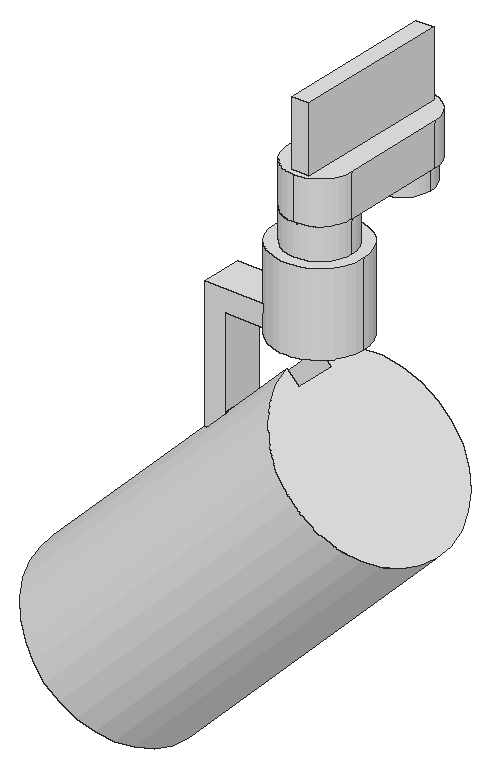
Revit family "ZEUS-4TR-R88", category Осветительные приборы, Revit 2017
Family settings
  Размер круглого соединителя = Использовать диаметр
  Тип детали = Нормальный
  На основе рабочей плоскости = Нет
  Всегда вертикально = Да
  При загрузке вырезать с полостями = Нет
  Источник света = Нет
  Общий = Нет
  Точка расчета площади = Нет
Parameters (values of type "024605 Светильник LGD-ZEUS-4TR-R88-20W Warm (WH, 20-60 deg)_60deg")
  Цветовая температура (К) = "3000"
  Фотометрия = ZEUS-4TR-R88 IES Data : 024605_LGD-ZEUS-4TR-R88-20W Warm (WH, 20-60 deg)_60deg
  Угол поворота [instance] = 45.00°
  Угол [instance] = if(or(Угол поворота > 89.00°, Угол поворота < 0.00°), 1.00°, Угол поворота)  # 45.00°
  Разработчик (телефон) = "+7 (495) 781-05-35"  # constant formula
  Разработчик (e-mail) = "info@constructor.ru"  # constant formula
  Разработчик (URL) = "https://constructor.ru/"  # constant formula
  Разработчик = "НТЦ Конструктор"  # constant formula
  Полная установленная мощность = ADSK_Номинальная мощность / ADSK_Коэффициент мощности  # 21.2766 VA
  Поворот [instance] = not(Вниз)  # yes
  Описание = "Светильник подвесной для треков/шин 4 провода, 20 Вт. Цвет свечения ТЕПЛЫЙ 3000K, световой поток 1600-2000лм, регулируемый угол 20-60°, CRI>90. Корпус круглый, металл, цвет белый, IP20. Размеры DxHxL Ø88x200x162 мм. Входное напряжение AC220-240V, мощность 20 Вт. Драйвер встроенный (30-42V, 500mA)"
  Контакты ООО "Арлайт РУС" для получения счёта = "roman@transistor.ru, T +7 495 926 56 50 (доб.1115), моб. +7 (925) 871-32-07"  # constant formula
  Комментарии к типоразмеру = "Арт. 024605"
  Исходная интенсивность (лм) = "2000"
  Изготовитель (телефон) = "8 800 505 26 29"  # constant formula
  Изготовитель (сайт) = "www.arlight.ru"  # constant formula
  Изготовитель = "ARLIGHT"  # constant formula
  Группа модели = "Светильники"  # constant formula
  Вниз [instance] = or(Угол поворота > 89.00°)  # no
  URL = "https://arlight.ru/catalog/product/svetilnik-lgd-zeus-4tr-r88-20w-warm-wh-20-60-deg-024605/"
  ARL_Цвет свечения = "Теплый 3000K"
  ARL_Цвет покрытия = "Белый"
  ARL_Угол обзора = "60°"
  ARL_Тип товара = "Светильник"
  ARL_Способ монтажа = "на трек 3-фазный"
  ARL_Серия = "ZEUS"
  ARL_Рабочая температура окружающей среды = "-25...+45 °C"
  ARL_Обозначение корпуса = "Корпус круглый, металл, цвет белый"
  ARL_Область использования = "Для освещения в торговых залах, шоурумах, выставочных и музейных экспозициях и в жилых помещениях с высокими требованиями к качеству света"
  ARL_Материал корпуса = Металл, белый
  ARL_Класс пылевлагозащиты = "IP20"
  ARL_Класс защиты от поражения электрическим током = "II"
  ARL_Индекс цветопередачи = ">90"
  ARL_Драйвер = "Встроенный (30-42V, 500mA)"
  ADSK_Ток = ADSK_Номинальная мощность / (ADSK_Коэффициент мощности * ADSK_Напряжение * sqrt(ADSK_Количество фаз числовое))  # 0.0925069 A
  ADSK_Размер_Длина = 162 mm
  ADSK_Размер_Диаметр = 88 mm
  ADSK_Размер_Высота = 200 mm
  ADSK_Примечание = ""
  ADSK_Полная мощность = ADSK_Номинальная мощность / ADSK_Коэффициент мощности  # 21.2766 VA
  ADSK_Позиция = ""
  ADSK_Номинальная мощность = 20 W
  ADSK_Напряжение = 230 V
  ADSK_Наименование = "Светильник"
  ADSK_Масса_Текст = "0.900"
  ADSK_Марка = "LGD-ZEUS-4TR-R88-20W Warm"
  ADSK_Коэффициент мощности = 0.94
  ADSK_Количество фаз числовое = 1
  ADSK_Количество фаз = 1
  ADSK_Код изделия = Комментарии к типоразмеру  # "Арт. 024605"
  ADSK_Классификация нагрузок = Освещение
  ADSK_Завод-изготовитель = Изготовитель  # "ARLIGHT"
  ADSK_Единица измерения = "шт."
Types (33, lengths in mm): name | Цветовая температура (К) | Фотометрия | Описание | Комментарии к типоразмеру | URL | ARL_Цвет свечения | ARL_Цвет покрытия | ARL_Угол обзора | ARL_Обозначение корпуса | ARL_Материал корпуса | ADSK_Марка | ADSK_Код изделия
  024607 Светильник LGD-ZEUS-4TR-R88-20W White (WH, 20-60 deg)_60deg | "6000" | ZEUS-4TR-R88 IES Data : 024607_LGD-ZEUS-4TR-R88-20W White (WH, 20-60 deg)_60deg | "Светильник подвесной для треков/шин 4 провода, 20 Вт. Цвет свечения БЕЛЫЙ 6000K, световой поток 1600-2000лм, регулируемый угол 20-60°, CRI>90. Корпус круглый, металл, цвет белый, IP20. Размеры DxHxL Ø88x200x162 мм. Входное напряжение AC220-240V, мощность 20 Вт. Драйвер встроенный (30-42V, 500mA)" | "Арт. 024607" | "https://arlight.ru/catalog/product/svetilnik-lgd-zeus-4tr-r88-20w-white-wh-20-60-deg-024607/" | "Белый 6000K" | "Белый" | "60°" | "Корпус круглый, металл, цвет белый" | Металл, белый | "LGD-ZEUS-4TR-R88-20W White" | "Арт. 024607"
  024607 Светильник LGD-ZEUS-4TR-R88-20W White (WH, 20-60 deg)_40deg | "6000" | ZEUS-4TR-R88 IES Data : 024607_LGD-ZEUS-4TR-R88-20W White (WH, 20-60 deg)_40deg | "Светильник подвесной для треков/шин 4 провода, 20 Вт. Цвет свечения БЕЛЫЙ 6000K, световой поток 1600-2000лм, регулируемый угол 20-60°, CRI>90. Корпус круглый, металл, цвет белый, IP20. Размеры DxHxL Ø88x200x162 мм. Входное напряжение AC220-240V, мощность 20 Вт. Драйвер встроенный (30-42V, 500mA)" | "Арт. 024607" | "https://arlight.ru/catalog/product/svetilnik-lgd-zeus-4tr-r88-20w-white-wh-20-60-deg-024607/" | "Белый 6000K" | "Белый" | "40°" | "Корпус круглый, металл, цвет белый" | Металл, белый | "LGD-ZEUS-4TR-R88-20W White" | "Арт. 024607"
  024607 Светильник LGD-ZEUS-4TR-R88-20W White (WH, 20-60 deg)_20deg | "6000" | ZEUS-4TR-R88 IES Data : 024607(1)_LGD-ZEUS-4TR-R88-20W White6000 (WH, 20-60 deg, 230V)_20deg | "Светильник подвесной для треков/шин 4 провода, 20 Вт. Цвет свечения БЕЛЫЙ 6000K, световой поток 1600-2000лм, регулируемый угол 20-60°, CRI>90. Корпус круглый, металл, цвет белый, IP20. Размеры DxHxL Ø88x200x162 мм. Входное напряжение AC220-240V, мощность 20 Вт. Драйвер встроенный (30-42V, 500mA)" | "Арт. 024607" | "https://arlight.ru/catalog/product/svetilnik-lgd-zeus-4tr-r88-20w-white-wh-20-60-deg-024607/" | "Белый 6000K" | "Белый" | "20°" | "Корпус круглый, металл, цвет белый" | Металл, белый | "LGD-ZEUS-4TR-R88-20W White" | "Арт. 024607"
  024607(1) Светильник LGD-ZEUS-4TR-R88-20W White6000 (WH, 20-60 deg, 230V)_60deg | "6000" | ZEUS-4TR-R88 IES Data : 024607(1)_LGD-ZEUS-4TR-R88-20W White6000 (WH, 20-60 deg, 230V)_60deg | "Светильник подвесной для треков/шин 4 провода, 20 Вт. Цвет свечения БЕЛЫЙ 6000K, световой поток 1600-2000лм, регулируемый угол 20-60°, CRI>90. Корпус круглый, металл, цвет белый, IP20. Размеры DxHxL Ø88x200x162 мм. Входное напряжение AC220-240V, мощность 20 Вт. Драйвер встроенный (30-42V, 500mA)" | "Арт. 024607(1)" | "https://arlight.ru/catalog/product/svetilnik-lgd-zeus-4tr-r88-20w-white6000-wh-20-60-deg-230v-024607-1/" | "Белый 6000K" | "Белый" | "60°" | "Корпус круглый, металл, цвет белый" | Металл, белый | "LGD-ZEUS-4TR-R88-20W White6000" | "Арт. 024607(1)"
  024607(1) Светильник LGD-ZEUS-4TR-R88-20W White6000 (WH, 20-60 deg, 230V)_40deg | "6000" | ZEUS-4TR-R88 IES Data : 024607(1)_LGD-ZEUS-4TR-R88-20W White6000 (WH, 20-60 deg, 230V)_40deg | "Светильник подвесной для треков/шин 4 провода, 20 Вт. Цвет свечения БЕЛЫЙ 6000K, световой поток 1600-2000лм, регулируемый угол 20-60°, CRI>90. Корпус круглый, металл, цвет белый, IP20. Размеры DxHxL Ø88x200x162 мм. Входное напряжение AC220-240V, мощность 20 Вт. Драйвер встроенный (30-42V, 500mA)" | "Арт. 024607(1)" | "https://arlight.ru/catalog/product/svetilnik-lgd-zeus-4tr-r88-20w-white6000-wh-20-60-deg-230v-024607-1/" | "Белый 6000K" | "Белый" | "40°" | "Корпус круглый, металл, цвет белый" | Металл, белый | "LGD-ZEUS-4TR-R88-20W White6000" | "Арт. 024607(1)"
  024607(1) Светильник LGD-ZEUS-4TR-R88-20W White6000 (WH, 20-60 deg, 230V)_20deg | "6000" | ZEUS-4TR-R88 IES Data : 024607(1)_LGD-ZEUS-4TR-R88-20W White6000 (WH, 20-60 deg, 230V)_20deg | "Светильник подвесной для треков/шин 4 провода, 20 Вт. Цвет свечения БЕЛЫЙ 6000K, световой поток 1600-2000лм, регулируемый угол 20-60°, CRI>90. Корпус круглый, металл, цвет белый, IP20. Размеры DxHxL Ø88x200x162 мм. Входное напряжение AC220-240V, мощность 20 Вт. Драйвер встроенный (30-42V, 500mA)" | "Арт. 024607(1)" | "https://arlight.ru/catalog/product/svetilnik-lgd-zeus-4tr-r88-20w-white6000-wh-20-60-deg-230v-024607-1/" | "Белый 6000K" | "Белый" | "20°" | "Корпус круглый, металл, цвет белый" | Металл, белый | "LGD-ZEUS-4TR-R88-20W White6000" | "Арт. 024607(1)"
  024606 Светильник LGD-ZEUS-4TR-R88-20W Day (WH, 20-60 deg)_60deg | "4000" | ZEUS-4TR-R88 IES Data : 024606_LGD-ZEUS-4TR-R88-20W Day (WH, 20-60 deg)_60deg | "Светильник подвесной для треков/шин 4 провода, 20 Вт. Цвет свечения ДНЕВНОЙ 4000K, световой поток 1600-2000лм, регулируемый угол 20-60°, CRI>90. Корпус круглый, металл, цвет белый, IP20. Размеры DxHxL Ø88x200x162 мм. Входное напряжение AC220-240V, мощность 20 Вт. Драйвер встроенный (30-42V, 500mA)" | "Арт. 024606" | "https://arlight.ru/catalog/product/svetilnik-lgd-zeus-4tr-r88-20w-day-wh-20-60-deg-024606/" | "Дневной 4000K" | "Белый" | "60°" | "Корпус круглый, металл, цвет белый" | Металл, белый | "LGD-ZEUS-4TR-R88-20W Day" | "Арт. 024606"
  024606 Светильник LGD-ZEUS-4TR-R88-20W Day (WH, 20-60 deg)_40deg | "4000" | ZEUS-4TR-R88 IES Data : 024144_LGD-ZEUS-4TR-R88-20W Day (BK, 20-60 deg)_40deg | "Светильник подвесной для треков/шин 4 провода, 20 Вт. Цвет свечения ДНЕВНОЙ 4000K, световой поток 1600-2000лм, регулируемый угол 20-60°, CRI>90. Корпус круглый, металл, цвет белый, IP20. Размеры DxHxL Ø88x200x162 мм. Входное напряжение AC220-240V, мощность 20 Вт. Драйвер встроенный (30-42V, 500mA)" | "Арт. 024606" | "https://arlight.ru/catalog/product/svetilnik-lgd-zeus-4tr-r88-20w-day-wh-20-60-deg-024606/" | "Дневной 4000K" | "Белый" | "40°" | "Корпус круглый, металл, цвет белый" | Металл, белый | "LGD-ZEUS-4TR-R88-20W Day" | "Арт. 024606"
  024606 Светильник LGD-ZEUS-4TR-R88-20W Day (WH, 20-60 deg)_20deg | "4000" | ZEUS-4TR-R88 IES Data : 024606_LGD-ZEUS-4TR-R88-20W Day (WH, 20-60 deg)_20deg | "Светильник подвесной для треков/шин 4 провода, 20 Вт. Цвет свечения ДНЕВНОЙ 4000K, световой поток 1600-2000лм, регулируемый угол 20-60°, CRI>90. Корпус круглый, металл, цвет белый, IP20. Размеры DxHxL Ø88x200x162 мм. Входное напряжение AC220-240V, мощность 20 Вт. Драйвер встроенный (30-42V, 500mA)" | "Арт. 024606" | "https://arlight.ru/catalog/product/svetilnik-lgd-zeus-4tr-r88-20w-day-wh-20-60-deg-024606/" | "Дневной 4000K" | "Белый" | "20°" | "Корпус круглый, металл, цвет белый" | Металл, белый | "LGD-ZEUS-4TR-R88-20W Day" | "Арт. 024606"
  024606(1) Светильник LGD-ZEUS-4TR-R88-20W Day4000 (WH, 20-60 deg, 230V)_60deg | "4000" | ZEUS-4TR-R88 IES Data : 024606(1)_LGD-ZEUS-4TR-R88-20W Day4000 (WH, 20-60 deg, 230V)_60deg | "Светильник подвесной для треков/шин 4 провода, 20 Вт. Цвет свечения ДНЕВНОЙ 4000K, световой поток 1600-2000лм, регулируемый угол 20-60°, CRI>90. Корпус круглый, металл, цвет белый, IP20. Размеры DxHxL Ø88x200x162 мм. Входное напряжение AC220-240V, мощность 20 Вт. Драйвер встроенный (30-42V, 500mA)" | "Арт. 024606(1)" | "https://arlight.ru/catalog/product/svetilnik-lgd-zeus-4tr-r88-20w-day4000-wh-20-60-deg-230v-024606-1/" | "Дневной 4000K" | "Белый" | "60°" | "Корпус круглый, металл, цвет белый" | Металл, белый | "LGD-ZEUS-4TR-R88-20W Day4000" | "Арт. 024606(1)"
  024606(1) Светильник LGD-ZEUS-4TR-R88-20W Day4000 (WH, 20-60 deg, 230V)_40deg | "4000" | ZEUS-4TR-R88 IES Data : 024606(1)_LGD-ZEUS-4TR-R88-20W Day4000 (WH, 20-60 deg, 230V)_40deg | "Светильник подвесной для треков/шин 4 провода, 20 Вт. Цвет свечения ДНЕВНОЙ 4000K, световой поток 1600-2000лм, регулируемый угол 20-60°, CRI>90. Корпус круглый, металл, цвет белый, IP20. Размеры DxHxL Ø88x200x162 мм. Входное напряжение AC220-240V, мощность 20 Вт. Драйвер встроенный (30-42V, 500mA)" | "Арт. 024606(1)" | "https://arlight.ru/catalog/product/svetilnik-lgd-zeus-4tr-r88-20w-day4000-wh-20-60-deg-230v-024606-1/" | "Дневной 4000K" | "Белый" | "40°" | "Корпус круглый, металл, цвет белый" | Металл, белый | "LGD-ZEUS-4TR-R88-20W Day4000" | "Арт. 024606(1)"
  024606(1) Светильник LGD-ZEUS-4TR-R88-20W Day4000 (WH, 20-60 deg, 230V)_20deg | "4000" | ZEUS-4TR-R88 IES Data : 024606(1)_LGD-ZEUS-4TR-R88-20W Day4000 (WH, 20-60 deg, 230V)_20deg | "Светильник подвесной для треков/шин 4 провода, 20 Вт. Цвет свечения ДНЕВНОЙ 4000K, световой поток 1600-2000лм, регулируемый угол 20-60°, CRI>90. Корпус круглый, металл, цвет белый, IP20. Размеры DxHxL Ø88x200x162 мм. Входное напряжение AC220-240V, мощность 20 Вт. Драйвер встроенный (30-42V, 500mA)" | "Арт. 024606(1)" | "https://arlight.ru/catalog/product/svetilnik-lgd-zeus-4tr-r88-20w-day4000-wh-20-60-deg-230v-024606-1/" | "Дневной 4000K" | "Белый" | "20°" | "Корпус круглый, металл, цвет белый" | Металл, белый | "LGD-ZEUS-4TR-R88-20W Day4000" | "Арт. 024606(1)"
  024605 Светильник LGD-ZEUS-4TR-R88-20W Warm (WH, 20-60 deg)_60deg | "3000" | ZEUS-4TR-R88 IES Data : 024605_LGD-ZEUS-4TR-R88-20W Warm (WH, 20-60 deg)_60deg | "Светильник подвесной для треков/шин 4 провода, 20 Вт. Цвет свечения ТЕПЛЫЙ 3000K, световой поток 1600-2000лм, регулируемый угол 20-60°, CRI>90. Корпус круглый, металл, цвет белый, IP20. Размеры DxHxL Ø88x200x162 мм. Входное напряжение AC220-240V, мощность 20 Вт. Драйвер встроенный (30-42V, 500mA)" | "Арт. 024605" | "https://arlight.ru/catalog/product/svetilnik-lgd-zeus-4tr-r88-20w-warm-wh-20-60-deg-024605/" | "Теплый 3000K" | "Белый" | "60°" | "Корпус круглый, металл, цвет белый" | Металл, белый | "LGD-ZEUS-4TR-R88-20W Warm" | "Арт. 024605"
  024605 Светильник LGD-ZEUS-4TR-R88-20W Warm (WH, 20-60 deg)_40deg | "3000" | ZEUS-4TR-R88 IES Data : 024605_LGD-ZEUS-4TR-R88-20W Warm (WH, 20-60 deg)_40deg | "Светильник подвесной для треков/шин 4 провода, 20 Вт. Цвет свечения ТЕПЛЫЙ 3000K, световой поток 1600-2000лм, регулируемый угол 20-60°, CRI>90. Корпус круглый, металл, цвет белый, IP20. Размеры DxHxL Ø88x200x162 мм. Входное напряжение AC220-240V, мощность 20 Вт. Драйвер встроенный (30-42V, 500mA)" | "Арт. 024605" | "https://arlight.ru/catalog/product/svetilnik-lgd-zeus-4tr-r88-20w-warm-wh-20-60-deg-024605/" | "Теплый 3000K" | "Белый" | "40°" | "Корпус круглый, металл, цвет белый" | Металл, белый | "LGD-ZEUS-4TR-R88-20W Warm" | "Арт. 024605"
  024605 Светильник LGD-ZEUS-4TR-R88-20W Warm (WH, 20-60 deg)_20deg | "3000" | ZEUS-4TR-R88 IES Data : 024605_LGD-ZEUS-4TR-R88-20W Warm (WH, 20-60 deg)_20deg | "Светильник подвесной для треков/шин 4 провода, 20 Вт. Цвет свечения ТЕПЛЫЙ 3000K, световой поток 1600-2000лм, регулируемый угол 20-60°, CRI>90. Корпус круглый, металл, цвет белый, IP20. Размеры DxHxL Ø88x200x162 мм. Входное напряжение AC220-240V, мощность 20 Вт. Драйвер встроенный (30-42V, 500mA)" | "Арт. 024605" | "https://arlight.ru/catalog/product/svetilnik-lgd-zeus-4tr-r88-20w-warm-wh-20-60-deg-024605/" | "Теплый 3000K" | "Белый" | "20°" | "Корпус круглый, металл, цвет белый" | Металл, белый | "LGD-ZEUS-4TR-R88-20W Warm" | "Арт. 024605"
  024605(1) Светильник LGD-ZEUS-4TR-R88-20W Warm3000 (WH, 20-60 deg, 230V)_60deg | "3000" | ZEUS-4TR-R88 IES Data : 024605(1)_LGD-ZEUS-4TR-R88-20W Warm3000 (WH, 20-60 deg, 230V)_60deg | "Светильник подвесной для треков/шин 4 провода, 20 Вт. Цвет свечения ТЕПЛЫЙ 3000K, световой поток 1600-2000лм, регулируемый угол 20-60°, CRI>90. Корпус круглый, металл, цвет белый, IP20. Размеры DxHxL Ø88x200x162 мм. Входное напряжение AC220-240V, мощность 20 Вт. Драйвер встроенный (30-42V, 500mA)" | "Арт. 024605(1)" | "https://arlight.ru/catalog/product/svetilnik-lgd-zeus-4tr-r88-20w-warm3000-wh-20-60-deg-230v-024605-1/" | "Теплый 3000K" | "Белый" | "60°" | "Корпус круглый, металл, цвет белый" | Металл, белый | "LGD-ZEUS-4TR-R88-20W Warm3000" | "Арт. 024605(1)"
  024605(1) Светильник LGD-ZEUS-4TR-R88-20W Warm3000 (WH, 20-60 deg, 230V)_40deg | "3000" | ZEUS-4TR-R88 IES Data : 024605(1)_LGD-ZEUS-4TR-R88-20W Warm3000 (WH, 20-60 deg, 230V)_40deg | "Светильник подвесной для треков/шин 4 провода, 20 Вт. Цвет свечения ТЕПЛЫЙ 3000K, световой поток 1600-2000лм, регулируемый угол 20-60°, CRI>90. Корпус круглый, металл, цвет белый, IP20. Размеры DxHxL Ø88x200x162 мм. Входное напряжение AC220-240V, мощность 20 Вт. Драйвер встроенный (30-42V, 500mA)" | "Арт. 024605(1)" | "https://arlight.ru/catalog/product/svetilnik-lgd-zeus-4tr-r88-20w-warm3000-wh-20-60-deg-230v-024605-1/" | "Теплый 3000K" | "Белый" | "40°" | "Корпус круглый, металл, цвет белый" | Металл, белый | "LGD-ZEUS-4TR-R88-20W Warm3000" | "Арт. 024605(1)"
  024605(1) Светильник LGD-ZEUS-4TR-R88-20W Warm3000 (WH, 20-60 deg, 230V)_20deg | "3000" | ZEUS-4TR-R88 IES Data : 024605(1)_LGD-ZEUS-4TR-R88-20W Warm3000 (WH, 20-60 deg, 230V)_20deg | "Светильник подвесной для треков/шин 4 провода, 20 Вт. Цвет свечения ТЕПЛЫЙ 3000K, световой поток 1600-2000лм, регулируемый угол 20-60°, CRI>90. Корпус круглый, металл, цвет белый, IP20. Размеры DxHxL Ø88x200x162 мм. Входное напряжение AC220-240V, мощность 20 Вт. Драйвер встроенный (30-42V, 500mA)" | "Арт. 024605(1)" | "https://arlight.ru/catalog/product/svetilnik-lgd-zeus-4tr-r88-20w-warm3000-wh-20-60-deg-230v-024605-1/" | "Теплый 3000K" | "Белый" | "20°" | "Корпус круглый, металл, цвет белый" | Металл, белый | "LGD-ZEUS-4TR-R88-20W Warm3000" | "Арт. 024605(1)"
  024627(1) Светильник LGD-ZEUS-4TR-R88-20W White6000 (BK, 20-60 deg, 230V)_60deg | "6000" | ZEUS-4TR-R88 IES Data : 024627(1)_LGD-ZEUS-4TR-R88-20W White6000 (BK, 20-60 deg, 230V)_60deg | "Светильник подвесной для треков/шин 4 провода, 20 Вт. Цвет свечения БЕЛЫЙ 6000K, световой поток 1600-2000лм, регулируемый угол 20-60°, CRI>90. Корпус круглый, металл, цвет черный, IP20. Размеры DxHxL Ø88x200x162 мм. Входное напряжение AC220-240V, мощность 20 Вт. Драйвер встроенный (30-42V, 500mA)" | "Арт. 024627(1)" | "https://arlight.ru/catalog/product/svetilnik-lgd-zeus-4tr-r88-20w-white6000-bk-20-60-deg-230v-024627-1/" | "Белый 6000K" | "Черный" | "60°" | "Корпус круглый, металл, цвет черный" | Металл, чёрный | "LGD-ZEUS-4TR-R88-20W White6000" | "Арт. 024627(1)"
  024627(1) Светильник LGD-ZEUS-4TR-R88-20W White6000 (BK, 20-60 deg, 230V)_40deg | "6000" | ZEUS-4TR-R88 IES Data : 024627(1)_LGD-ZEUS-4TR-R88-20W White6000 (BK, 20-60 deg, 230V)_40deg | "Светильник подвесной для треков/шин 4 провода, 20 Вт. Цвет свечения БЕЛЫЙ 6000K, световой поток 1600-2000лм, регулируемый угол 20-60°, CRI>90. Корпус круглый, металл, цвет черный, IP20. Размеры DxHxL Ø88x200x162 мм. Входное напряжение AC220-240V, мощность 20 Вт. Драйвер встроенный (30-42V, 500mA)" | "Арт. 024627(1)" | "https://arlight.ru/catalog/product/svetilnik-lgd-zeus-4tr-r88-20w-white6000-bk-20-60-deg-230v-024627-1/" | "Белый 6000K" | "Черный" | "40°" | "Корпус круглый, металл, цвет черный" | Металл, чёрный | "LGD-ZEUS-4TR-R88-20W White6000" | "Арт. 024627(1)"
  024627(1) Светильник LGD-ZEUS-4TR-R88-20W White6000 (BK, 20-60 deg, 230V)_20deg | "6000" | ZEUS-4TR-R88 IES Data : 024627(1)_LGD-ZEUS-4TR-R88-20W White6000 (BK, 20-60 deg, 230V)_20deg | "Светильник подвесной для треков/шин 4 провода, 20 Вт. Цвет свечения БЕЛЫЙ 6000K, световой поток 1600-2000лм, регулируемый угол 20-60°, CRI>90. Корпус круглый, металл, цвет черный, IP20. Размеры DxHxL Ø88x200x162 мм. Входное напряжение AC220-240V, мощность 20 Вт. Драйвер встроенный (30-42V, 500mA)" | "Арт. 024627(1)" | "https://arlight.ru/catalog/product/svetilnik-lgd-zeus-4tr-r88-20w-white6000-bk-20-60-deg-230v-024627-1/" | "Белый 6000K" | "Черный" | "20°" | "Корпус круглый, металл, цвет черный" | Металл, чёрный | "LGD-ZEUS-4TR-R88-20W White6000" | "Арт. 024627(1)"
  024144 Светильник LGD-ZEUS-4TR-R88-20W Day (BK, 20-60 deg)_60deg | "4000" | ZEUS-4TR-R88 IES Data : 024144_LGD-ZEUS-4TR-R88-20W Day (BK, 20-60 deg)_60deg | "Светильник подвесной для треков/шин 4 провода, 20 Вт. Цвет свечения ДНЕВНОЙ 4000K, световой поток 1600-2000лм, регулируемый угол 20-60°, CRI>90. Корпус круглый, металл, цвет белый, IP20. Размеры DxHxL Ø88x200x162 мм. Входное напряжение AC220-240V, мощность 20 Вт. Драйвер встроенный (30-42V, 500mA)" | "Арт. 024144" | "https://arlight.ru/catalog/product/svetilnik-lgd-zeus-4tr-r88-20w-day-bk-20-60-deg-024144/" | "Дневной 4000K" | "Черный" | "60°" | "Корпус круглый, металл, цвет черный" | Металл, чёрный | "LGD-ZEUS-4TR-R88-20W Day" | "Арт. 024144"
  024144 Светильник LGD-ZEUS-4TR-R88-20W Day (BK, 20-60 deg)_40deg | "4000" | ZEUS-4TR-R88 IES Data : 024144_LGD-ZEUS-4TR-R88-20W Day (BK, 20-60 deg)_40deg | "Светильник подвесной для треков/шин 4 провода, 20 Вт. Цвет свечения ДНЕВНОЙ 4000K, световой поток 1600-2000лм, регулируемый угол 20-60°, CRI>90. Корпус круглый, металл, цвет белый, IP20. Размеры DxHxL Ø88x200x162 мм. Входное напряжение AC220-240V, мощность 20 Вт. Драйвер встроенный (30-42V, 500mA)" | "Арт. 024144" | "https://arlight.ru/catalog/product/svetilnik-lgd-zeus-4tr-r88-20w-day-bk-20-60-deg-024144/" | "Дневной 4000K" | "Черный" | "40°" | "Корпус круглый, металл, цвет черный" | Металл, чёрный | "LGD-ZEUS-4TR-R88-20W Day" | "Арт. 024144"
  024144 Светильник LGD-ZEUS-4TR-R88-20W Day (BK, 20-60 deg)_20deg | "4000" | ZEUS-4TR-R88 IES Data : 024144_LGD-ZEUS-4TR-R88-20W Day (BK, 20-60 deg)_20deg | "Светильник подвесной для треков/шин 4 провода, 20 Вт. Цвет свечения ДНЕВНОЙ 4000K, световой поток 1600-2000лм, регулируемый угол 20-60°, CRI>90. Корпус круглый, металл, цвет белый, IP20. Размеры DxHxL Ø88x200x162 мм. Входное напряжение AC220-240V, мощность 20 Вт. Драйвер встроенный (30-42V, 500mA)" | "Арт. 024144" | "https://arlight.ru/catalog/product/svetilnik-lgd-zeus-4tr-r88-20w-day-bk-20-60-deg-024144/" | "Дневной 4000K" | "Черный" | "20°" | "Корпус круглый, металл, цвет черный" | Металл, чёрный | "LGD-ZEUS-4TR-R88-20W Day" | "Арт. 024144"
  024144(1) Светильник LGD-ZEUS-4TR-R88-20W Day4000 (BK, 20-60 deg, 230V)_60deg | "4000" | ZEUS-4TR-R88 IES Data : 024144(1)_LGD-ZEUS-4TR-R88-20W Day4000 (BK, 20-60 deg, 230V)_60deg | "Светильник подвесной для треков/шин 4 провода, 20 Вт. Цвет свечения ДНЕВНОЙ 4000K, световой поток 1600-2000лм, регулируемый угол 20-60°, CRI>90. Корпус круглый, металл, цвет белый, IP20. Размеры DxHxL Ø88x200x162 мм. Входное напряжение AC220-240V, мощность 20 Вт. Драйвер встроенный (30-42V, 500mA)" | "Арт. 024144(1)" | "https://arlight.ru/catalog/product/svetilnik-lgd-zeus-4tr-r88-20w-day4000-bk-20-60-deg-230v-024144-1/" | "Дневной 4000K" | "Черный" | "60°" | "Корпус круглый, металл, цвет черный" | Металл, чёрный | "LGD-ZEUS-4TR-R88-20W Day4000" | "Арт. 024144(1)"
  024144(1) Светильник LGD-ZEUS-4TR-R88-20W Day4000 (BK, 20-60 deg, 230V)_40deg | "4000" | ZEUS-4TR-R88 IES Data : 024144(1)_LGD-ZEUS-4TR-R88-20W Day4000 (BK, 20-60 deg, 230V)_40deg | "Светильник подвесной для треков/шин 4 провода, 20 Вт. Цвет свечения ДНЕВНОЙ 4000K, световой поток 1600-2000лм, регулируемый угол 20-60°, CRI>90. Корпус круглый, металл, цвет белый, IP20. Размеры DxHxL Ø88x200x162 мм. Входное напряжение AC220-240V, мощность 20 Вт. Драйвер встроенный (30-42V, 500mA)" | "Арт. 024144(1)" | "https://arlight.ru/catalog/product/svetilnik-lgd-zeus-4tr-r88-20w-day4000-bk-20-60-deg-230v-024144-1/" | "Дневной 4000K" | "Черный" | "40°" | "Корпус круглый, металл, цвет черный" | Металл, чёрный | "LGD-ZEUS-4TR-R88-20W Day4000" | "Арт. 024144(1)"
  024144(1) Светильник LGD-ZEUS-4TR-R88-20W Day4000 (BK, 20-60 deg, 230V)_20deg | "4000" | ZEUS-4TR-R88 IES Data : 024144(1)_LGD-ZEUS-4TR-R88-20W Day4000 (BK, 20-60 deg, 230V)_20deg | "Светильник подвесной для треков/шин 4 провода, 20 Вт. Цвет свечения ДНЕВНОЙ 4000K, световой поток 1600-2000лм, регулируемый угол 20-60°, CRI>90. Корпус круглый, металл, цвет белый, IP20. Размеры DxHxL Ø88x200x162 мм. Входное напряжение AC220-240V, мощность 20 Вт. Драйвер встроенный (30-42V, 500mA)" | "Арт. 024144(1)" | "https://arlight.ru/catalog/product/svetilnik-lgd-zeus-4tr-r88-20w-day4000-bk-20-60-deg-230v-024144-1/" | "Дневной 4000K" | "Черный" | "20°" | "Корпус круглый, металл, цвет черный" | Металл, чёрный | "LGD-ZEUS-4TR-R88-20W Day4000" | "Арт. 024144(1)"
  024628 Светильник LGD-ZEUS-4TR-R88-20W Warm (BK, 20-60 deg)_60deg | "3000" | ZEUS-4TR-R88 IES Data : 024628_LGD-ZEUS-4TR-R88-20W Warm (BK, 20-60 deg)_60deg | "Светильник подвесной для треков/шин 4 провода, 20 Вт. Цвет свечения ТЕПЛЫЙ 3000K, световой поток 1600-2000лм, регулируемый угол 20-60°, CRI>90. Корпус круглый, металл, цвет белый, IP20. Размеры DxHxL Ø88x200x162 мм. Входное напряжение AC220-240V, мощность 20 Вт. Драйвер встроенный (30-42V, 500mA)" | "Арт. 024628" | "https://arlight.ru/catalog/product/svetilnik-lgd-zeus-4tr-r88-20w-warm-bk-20-60-deg-024628/" | "Теплый 3000K" | "Черный" | "60°" | "Корпус круглый, металл, цвет черный" | Металл, чёрный | "LGD-ZEUS-4TR-R88-20W Warm" | "Арт. 024628"
  024628 Светильник LGD-ZEUS-4TR-R88-20W Warm (BK, 20-60 deg)_40deg | "3000" | ZEUS-4TR-R88 IES Data : 024628_LGD-ZEUS-4TR-R88-20W Warm (BK, 20-60 deg)_40deg | "Светильник подвесной для треков/шин 4 провода, 20 Вт. Цвет свечения ТЕПЛЫЙ 3000K, световой поток 1600-2000лм, регулируемый угол 20-60°, CRI>90. Корпус круглый, металл, цвет белый, IP20. Размеры DxHxL Ø88x200x162 мм. Входное напряжение AC220-240V, мощность 20 Вт. Драйвер встроенный (30-42V, 500mA)" | "Арт. 024628" | "https://arlight.ru/catalog/product/svetilnik-lgd-zeus-4tr-r88-20w-warm-bk-20-60-deg-024628/" | "Теплый 3000K" | "Черный" | "40°" | "Корпус круглый, металл, цвет черный" | Металл, чёрный | "LGD-ZEUS-4TR-R88-20W Warm" | "Арт. 024628"
  024628 Светильник LGD-ZEUS-4TR-R88-20W Warm (BK, 20-60 deg)_20deg | "3000" | ZEUS-4TR-R88 IES Data : 024628_LGD-ZEUS-4TR-R88-20W Warm (BK, 20-60 deg)_20deg | "Светильник подвесной для треков/шин 4 провода, 20 Вт. Цвет свечения ТЕПЛЫЙ 3000K, световой поток 1600-2000лм, регулируемый угол 20-60°, CRI>90. Корпус круглый, металл, цвет белый, IP20. Размеры DxHxL Ø88x200x162 мм. Входное напряжение AC220-240V, мощность 20 Вт. Драйвер встроенный (30-42V, 500mA)" | "Арт. 024628" | "https://arlight.ru/catalog/product/svetilnik-lgd-zeus-4tr-r88-20w-warm-bk-20-60-deg-024628/" | "Теплый 3000K" | "Черный" | "20°" | "Корпус круглый, металл, цвет черный" | Металл, чёрный | "LGD-ZEUS-4TR-R88-20W Warm" | "Арт. 024628"
  024628(1) Светильник LGD-ZEUS-4TR-R88-20W Warm3000 (BK, 20-60 deg, 230V)_60deg | "3000" | ZEUS-4TR-R88 IES Data : 024628(1)_LGD-ZEUS-4TR-R88-20W Warm3000 (BK, 20-60 deg, 230V)_60deg | "Светильник подвесной для треков/шин 4 провода, 20 Вт. Цвет свечения ТЕПЛЫЙ 3000K, световой поток 1600-2000лм, регулируемый угол 20-60°, CRI>90. Корпус круглый, металл, цвет белый, IP20. Размеры DxHxL Ø88x200x162 мм. Входное напряжение AC220-240V, мощность 20 Вт. Драйвер встроенный (30-42V, 500mA)" | "Арт. 024628(1)" | "https://arlight.ru/catalog/product/svetilnik-lgd-zeus-4tr-r88-20w-warm3000-bk-20-60-deg-230v-024628-1/" | "Теплый 3000K" | "Черный" | "60°" | "Корпус круглый, металл, цвет черный" | Металл, чёрный | "LGD-ZEUS-4TR-R88-20W Warm3000" | "Арт. 024628(1)"
  024628(1) Светильник LGD-ZEUS-4TR-R88-20W Warm3000 (BK, 20-60 deg, 230V)_40deg | "3000" | ZEUS-4TR-R88 IES Data : 024628(1)_LGD-ZEUS-4TR-R88-20W Warm3000 (BK, 20-60 deg, 230V)_40deg | "Светильник подвесной для треков/шин 4 провода, 20 Вт. Цвет свечения ТЕПЛЫЙ 3000K, световой поток 1600-2000лм, регулируемый угол 20-60°, CRI>90. Корпус круглый, металл, цвет белый, IP20. Размеры DxHxL Ø88x200x162 мм. Входное напряжение AC220-240V, мощность 20 Вт. Драйвер встроенный (30-42V, 500mA)" | "Арт. 024628(1)" | "https://arlight.ru/catalog/product/svetilnik-lgd-zeus-4tr-r88-20w-warm3000-bk-20-60-deg-230v-024628-1/" | "Теплый 3000K" | "Черный" | "40°" | "Корпус круглый, металл, цвет черный" | Металл, чёрный | "LGD-ZEUS-4TR-R88-20W Warm3000" | "Арт. 024628(1)"
  024628(1) Светильник LGD-ZEUS-4TR-R88-20W Warm3000 (BK, 20-60 deg, 230V)_20deg | "3000" | ZEUS-4TR-R88 IES Data : 024628(1)_LGD-ZEUS-4TR-R88-20W Warm3000 (BK, 20-60 deg, 230V)_20deg | "Светильник подвесной для треков/шин 4 провода, 20 Вт. Цвет свечения ТЕПЛЫЙ 3000K, световой поток 1600-2000лм, регулируемый угол 20-60°, CRI>90. Корпус круглый, металл, цвет белый, IP20. Размеры DxHxL Ø88x200x162 мм. Входное напряжение AC220-240V, мощность 20 Вт. Драйвер встроенный (30-42V, 500mA)" | "Арт. 024628(1)" | "https://arlight.ru/catalog/product/svetilnik-lgd-zeus-4tr-r88-20w-warm3000-bk-20-60-deg-230v-024628-1/" | "Теплый 3000K" | "Черный" | "40°" | "Корпус круглый, металл, цвет черный" | Металл, чёрный | "LGD-ZEUS-4TR-R88-20W Warm3000" | "Арт. 024628(1)"
Reference planes
  plane 1 "По центру (Вперед/Назад)": y = 0
  plane 2: z = 0
  plane 3 "По центру (Влево/Вправо)": x = 0
  plane 4: x = -81
  plane 5: x = 81
  plane 6: y = 44
  plane 7: y = -44
  plane 8: z = -200
  plane 9: z = 30
  plane 10: through (48.576, -1524, -118.407) normal (-0.7071, 0, -0.7071)
  plane 11: x = 42.169
  plane 12: z = -73.169
Forms (mm)
  Extrusion 1, solid, material "Металл, белый" <- "ARL_Материал корпуса", detail levels medium+fine
    sketch origin (16.5, 24, 0) x (1, 0, 0) y (0, 1, 0)
      loop
        line (58.117, -35.908) -> (66.117, -35.908) -> (66.117, 35.908) -> (58.117, 35.908) -> (58.117, -35.908)
    from 0 to 30
  Extrusion 2, solid, material "Металл, белый" <- "ARL_Материал корпуса", detail levels medium+fine
    sketch origin (16.5, 24, 0) x (1, 0, 0) y (0, 1, 0)
      loop
        arc (46.369, -24) -> (50.762, -34.607) -> (61.369, -39) r 15
        arc (61.369, -39) -> (71.975, -34.607) -> (76.369, -24) r 15
        line (76.369, -24) -> (76.369, 24)
        arc (76.369, 24) -> (71.975, 34.607) -> (61.369, 39) r 15
        arc (61.369, 39) -> (50.762, 34.607) -> (46.369, 24) r 15
        line (46.369, 24) -> (46.369, -24)
    from 0 to -19.6
  Extrusion 3, solid, material "Металл, белый" <- "ARL_Материал корпуса", detail levels medium+fine
    sketch origin (16.5, 23.51, 0) x (1, 0, 0) y (0, 1, 0)
      loop
        circle (61.369, -23.51) r 15
    from -34 to -19.6
  Extrusion 4, solid, material "Металл, белый" <- "ARL_Материал корпуса", detail levels fine
    sketch origin (16.5, 71.51, 0) x (1, 0, 0) y (0, 1, 0)
      loop
        circle (61.369, -23.51) r 13
    from -29.6 to -19.6
  Extrusion 5, solid, material "Металл, белый" <- "ARL_Материал корпуса", detail levels medium+fine
    sketch origin (20, 0, 0) x (1, 0, 0) y (0, 1, 0)
      loop
        circle (57.869, 0) r 20.4
    from -34 to -72
  Extrusion 6, solid, material "Металл, белый" <- "ARL_Материал корпуса", detail levels medium+fine
    sketch origin (20, 0, 0) x (1, 0, 0) y (0, 1, 0)
      loop
        line (12.469, 0) -> (12.469, -9.6) -> (39.869, -9.6)
        arc (39.869, -9.6) -> (37.469, 0) -> (39.869, 9.6) r 20.4
        line (39.869, 9.6) -> (12.469, 9.6) -> (12.469, 0)
    from -72 to -62.3
  Extrusion 7, solid, material "Металл, белый" <- "ARL_Материал корпуса", detail levels medium+fine
    sketch origin (20, 0, 0) x (1, 0, 0) y (0, 1, 0)
      loop
        line (12.469, 9.6) -> (12.469, -9.6) -> (22.169, -9.6) -> (22.169, 9.6) -> (12.469, 9.6)
    from -122.34 to -72
  Extrusion 8, solid, material "Металл, белый" <- "ARL_Материал корпуса", visible <- "Поворот", detail levels medium+fine
    sketch origin (48.576, -1524, -118.407) x (0.707107, 0, -0.707107) y (0, -1, 0)
      loop
        circle (34.939, -1524) r 44
    from -38.831 to 123.169
  Extrusion 9, solid, material "Стекло, белое, высокой яркости", visible <- "Поворот", detail levels fine
    sketch origin (48.576, -1524, -118.407) x (0.707107, 0, -0.707107) y (0, -1, 0)
      loop
        circle (34.939, -1524) r 39
    from 103.169 to 113.169
  Extrusion 10, void
    sketch origin (48.576, -1524, -118.407) x (0.707107, 0, -0.707107) y (0, -1, 0)
      loop
        circle (34.939, -1524) r 39
    from 103.169 to 123.169
  Extrusion 11, solid, material "Металл, белый" <- "ARL_Материал корпуса", visible <- "Вниз", detail levels medium+fine
    sketch origin (42.169, -1524, -73.169) x (-1, 0, 0) y (0, -1, 0)
      loop
        circle (-44, -1524) r 44
    from -162 to 0
  Extrusion 12, solid, material "Стекло, белое, высокой яркости", visible <- "Вниз", detail levels fine
    sketch origin (42.169, -1524, -73.169) x (-1, 0, 0) y (0, -1, 0)
      loop
        circle (-44, -1524) r 39
    from -152 to -142
  Extrusion 13, void
    sketch origin (42.169, -1524, -73.169) x (-1, 0, 0) y (0, -1, 0)
      loop
        circle (-44, -1524) r 39
    from -162 to -142
  Extrusion 14, void
    sketch origin (48.576, -1524, -118.407) x (0.707107, 0, -0.707107) y (0, -1, 0)
      loop
        line (-10.083, -1533.6) -> (0, -1533.6) -> (0, -1514.4) -> (-10.083, -1514.4) -> (-10.083, -1533.6)
    from 13.57 to -38.831
  Extrusion 15, void
    sketch origin (42.169, -1524, -73.169) x (-1, 0, 0) y (0, -1, 0)
      loop
        line (0, -1533.6) -> (0, -1514.4) -> (-9.061, -1514.4) -> (-9.061, -1533.6) -> (0, -1533.6)
    from -52.402 to 0
  Extrusion 16, solid, material "Металл, белый" <- "ARL_Материал корпуса", detail levels medium+fine
    sketch origin (20, 0, 0) x (1, 0, 0) y (0, 1, 0)
      loop
        line (31.23, 0) -> (31.23, 9.6) -> (22.169, 9.6) -> (22.169, -9.6) -> (31.23, -9.6) -> (31.23, 0)
    from -112.64 to -122.34
  Extrusion 17, solid, material "Металл, белый" <- "ARL_Материал корпуса", visible <- "Поворот", detail levels coarse
    sketch origin (48.576, -1524, -118.407) x (0.707107, 0, -0.707107) y (0, -1, 0)
      loop
        circle (34.939, -1524) r 44
    from -38.831 to 123.169
  Extrusion 18, solid, material "Металл, белый" <- "ARL_Материал корпуса", visible <- "Вниз", detail levels coarse
    sketch origin (42.169, -1524, -73.169) x (-1, 0, 0) y (0, -1, 0)
      loop
        circle (-44, -1524) r 44
    from -162 to 0
  Extrusion 19, solid, material "Металл, белый" <- "ARL_Материал корпуса", detail levels coarse
    sketch origin (16.5, 24, 0) x (1, 0, 0) y (0, 1, 0)
      loop
        line (58.117, -35.908) -> (66.117, -35.908) -> (66.117, 35.908) -> (58.117, 35.908) -> (58.117, -35.908)
    from 0 to 30
  Extrusion 20, solid, material "Металл, белый" <- "ARL_Материал корпуса", detail levels coarse
    sketch origin (16.5, 24, 0) x (1, 0, 0) y (0, 1, 0)
      loop
        arc (46.369, -24) -> (50.762, -34.607) -> (61.369, -39) r 15
        arc (61.369, -39) -> (71.975, -34.607) -> (76.369, -24) r 15
        line (76.369, -24) -> (76.369, 24)
        arc (76.369, 24) -> (71.975, 34.607) -> (61.369, 39) r 15
        arc (61.369, 39) -> (50.762, 34.607) -> (46.369, 24) r 15
        line (46.369, 24) -> (46.369, -24)
    from 0 to -19.6
  Extrusion 21, solid, material "Металл, белый" <- "ARL_Материал корпуса", detail levels coarse
    sketch origin (16.5, 23.51, 0) x (1, 0, 0) y (0, 1, 0)
      loop
        circle (61.369, -23.51) r 15
    from -34 to -19.6
  Extrusion 22, solid, material "Металл, белый" <- "ARL_Материал корпуса", detail levels coarse
    sketch origin (20, 0, 0) x (1, 0, 0) y (0, 1, 0)
      loop
        circle (57.869, 0) r 20.4
    from -34 to -72
  Extrusion 23, solid, material "Металл, белый" <- "ARL_Материал корпуса", detail levels coarse
    sketch origin (20, 0, 0) x (1, 0, 0) y (0, 1, 0)
      loop
        line (12.469, 0) -> (12.469, -9.6) -> (39.869, -9.6)
        arc (39.869, -9.6) -> (37.469, 0) -> (39.869, 9.6) r 20.4
        line (39.869, 9.6) -> (12.469, 9.6) -> (12.469, 0)
    from -72 to -62.3
  Extrusion 24, solid, material "Металл, белый" <- "ARL_Материал корпуса", detail levels coarse
    sketch origin (20, 0, 0) x (1, 0, 0) y (0, 1, 0)
      loop
        line (12.469, 9.6) -> (12.469, -9.6) -> (22.169, -9.6) -> (22.169, 9.6) -> (12.469, 9.6)
    from -122.34 to -72
Cuts and joins
  joined: Extrusion 5, Extrusion 6, Extrusion 7
  Extrusion 10, Extrusion 14 cuts Extrusion 8
  Extrusion 13, Extrusion 15 cuts Extrusion 11
Dimensions and locks
  equal spacing: plane 6, plane 1 "По центру (Вперед/Назад)", plane 7
  "ADSK_Размер_Диаметр": plane 6 to plane 7
  equal spacing: plane 4, plane 3 "По центру (Влево/Вправо)", plane 5
  "ADSK_Размер_Длина": plane 4 to plane 5
  "ADSK_Размер_Высота": plane 2 to plane 8
  plane 9 to plane 2 = 30 mm
  "Угол": angle plane 11 to plane 10
  aligned and locked: level to plane 2
  aligned and locked: plane 9 to Extrusion 1
Automatic sketch dimensions
  Extrusion 1 sketch curve to plane 5 = 6.383 mm
  plane 5 to Extrusion 1 sketch curve = 1.617 mm
  plane 1 "По центру (Вперед/Назад)" to Extrusion 1 sketch curve = 11.908 mm
  plane 6 to Extrusion 1 sketch curve = 15.908 mm
  Extrusion 2 sketch curve to Extrusion 2 sketch curve = 0 mm  (x4)
  plane 1 "По центру (Вперед/Назад)" to Extrusion 2 sketch curve = 0 mm
  Extrusion 2 sketch curve to plane 5 = 18.131 mm
  Extrusion 2 sketch curve to plane 5 = 3.131 mm
  plane 6 to Extrusion 2 sketch curve = 4 mm
  plane 1 "По центру (Вперед/Назад)" to Extrusion 3 sketch curve = 0 mm
  Extrusion 3 sketch curve to plane 5 = 3.131 mm
  Extrusion 4 sketch curve to plane 5 = 3.131 mm
  plane 6 to Extrusion 4 sketch curve = 4 mm
  Extrusion 5 sketch curve to Extrusion 5 sketch curve = 0 mm  (x2)
  plane 1 "По центру (Вперед/Назад)" to Extrusion 5 sketch curve = 0 mm
  Extrusion 5 sketch curve to plane 5 = 3.131 mm
  plane 11 to Extrusion 5 sketch curve = 15.3 mm
  plane 1 "По центру (Вперед/Назад)" to Extrusion 6 sketch curve = 0 mm  (x2)
  Extrusion 6 sketch curve to plane 11 = 9.7 mm
  plane 11 to Extrusion 6 sketch curve = 17.7 mm
  plane 1 "По центру (Вперед/Назад)" to Extrusion 6 sketch curve = 9.6 mm
  Extrusion 6 sketch curve to Extrusion 6 sketch curve = 0 mm
  Extrusion 6 sketch curve to plane 5 = 3.131 mm
  Extrusion 7 sketch curve to plane 11 = 0 mm
  Extrusion 7 sketch curve to Extrusion 7 sketch curve = 9.7 mm
  plane 1 "По центру (Вперед/Назад)" to Extrusion 7 sketch curve = 9.6 mm
  Extrusion 7 sketch curve to plane 1 "По центру (Вперед/Назад)" = 9.6 mm
  Extrusion 8 sketch curve to plane 1 "По центру (Вперед/Назад)" = 0 mm
  Extrusion 9 sketch curve to plane 1 "По центру (Вперед/Назад)" = 0 mm
  Extrusion 10 sketch curve to plane 1 "По центру (Вперед/Назад)" = 0 mm
  plane 1 "По центру (Вперед/Назад)" to Extrusion 11 sketch curve = 0 mm
  plane 5 to Extrusion 11 sketch curve = 5.169 mm
  plane 1 "По центру (Вперед/Назад)" to Extrusion 12 sketch curve = 0 mm
  plane 5 to Extrusion 12 sketch curve = 5.169 mm
  plane 1 "По центру (Вперед/Назад)" to Extrusion 13 sketch curve = 0 mm
  plane 5 to Extrusion 13 sketch curve = 5.169 mm
  plane 1 "По центру (Вперед/Назад)" to Extrusion 14 sketch curve = 9.6 mm
  Extrusion 14 sketch curve to Extrusion 14 sketch curve = 10.083 mm
  Extrusion 14 sketch curve to plane 1 "По центру (Вперед/Назад)" = 9.6 mm
  Extrusion 15 sketch curve to plane 11 = 0 mm
  plane 11 to Extrusion 15 sketch curve = 9.061 mm
  Extrusion 15 sketch curve to plane 1 "По центру (Вперед/Назад)" = 9.6 mm
  plane 1 "По центру (Вперед/Назад)" to Extrusion 15 sketch curve = 9.6 mm
  Extrusion 16 sketch curve to plane 11 = 0 mm
  plane 1 "По центру (Вперед/Назад)" to Extrusion 16 sketch curve = 0 mm
  plane 11 to Extrusion 16 sketch curve = 9.061 mm
  plane 1 "По центру (Вперед/Назад)" to Extrusion 16 sketch curve = 9.6 mm
  Extrusion 16 sketch curve to plane 1 "По центру (Вперед/Назад)" = 9.6 mm
  Extrusion 17 sketch curve to plane 1 "По центру (Вперед/Назад)" = 0 mm
  plane 1 "По центру (Вперед/Назад)" to Extrusion 18 sketch curve = 0 mm
  plane 5 to Extrusion 18 sketch curve = 5.169 mm
  Extrusion 19 sketch curve to plane 5 = 6.383 mm
  plane 5 to Extrusion 19 sketch curve = 1.617 mm
  plane 1 "По центру (Вперед/Назад)" to Extrusion 19 sketch curve = 11.908 mm
  plane 6 to Extrusion 19 sketch curve = 15.908 mm
  Extrusion 20 sketch curve to Extrusion 20 sketch curve = 0 mm  (x4)
  plane 1 "По центру (Вперед/Назад)" to Extrusion 20 sketch curve = 0 mm
  Extrusion 20 sketch curve to plane 5 = 18.131 mm
  Extrusion 20 sketch curve to plane 5 = 3.131 mm
  plane 6 to Extrusion 20 sketch curve = 4 mm
  plane 1 "По центру (Вперед/Назад)" to Extrusion 21 sketch curve = 0 mm
  Extrusion 21 sketch curve to plane 5 = 3.131 mm
  Extrusion 22 sketch curve to Extrusion 22 sketch curve = 0 mm  (x2)
  plane 1 "По центру (Вперед/Назад)" to Extrusion 22 sketch curve = 0 mm
  Extrusion 22 sketch curve to plane 5 = 3.131 mm
  plane 11 to Extrusion 22 sketch curve = 15.3 mm
  plane 1 "По центру (Вперед/Назад)" to Extrusion 23 sketch curve = 0 mm  (x2)
  Extrusion 23 sketch curve to plane 11 = 9.7 mm
  plane 11 to Extrusion 23 sketch curve = 17.7 mm
  plane 1 "По центру (Вперед/Назад)" to Extrusion 23 sketch curve = 9.6 mm
  Extrusion 23 sketch curve to Extrusion 23 sketch curve = 0 mm
  Extrusion 23 sketch curve to plane 5 = 3.131 mm
  Extrusion 24 sketch curve to plane 11 = 0 mm
  Extrusion 24 sketch curve to Extrusion 24 sketch curve = 9.7 mm
  plane 1 "По центру (Вперед/Назад)" to Extrusion 24 sketch curve = 9.6 mm
  Extrusion 24 sketch curve to plane 1 "По центру (Вперед/Назад)" = 9.6 mm
  radius of Extrusion 3 sketch curve = 15 mm
  radius of Extrusion 4 sketch curve = 13 mm
  radius of Extrusion 8 sketch curve = 44 mm
  radius of Extrusion 9 sketch curve = 39 mm
  radius of Extrusion 10 sketch curve = 39 mm
  radius of Extrusion 11 sketch curve = 44 mm
  radius of Extrusion 12 sketch curve = 39 mm
  radius of Extrusion 13 sketch curve = 39 mm
  radius of Extrusion 17 sketch curve = 44 mm
  radius of Extrusion 18 sketch curve = 44 mm
  radius of Extrusion 21 sketch curve = 15 mm
Nested families
  nested 1: "ZEUS-4TR-R88 IES Data" at (-13.659, 0.4, -230.359) x (0.7071, 0, -0.7071) z (0.7071, 0, 0.7071), visible <- "Поворот", type <- "Фотометрия", type "024605_LGD-ZEUS-4TR-R88-20W Warm (WH, 20-60 deg)_60deg"
  nested 2: "ZEUS-4TR-R88 IES Data" at (86.652, 0.4, -235.169) x (-1, 0, 0) z (0, 0, 1), visible <- "Вниз", type <- "Фотометрия", type "024605_LGD-ZEUS-4TR-R88-20W Warm (WH, 20-60 deg)_60deg"
  nested 3: "УГО" at (81, 0, 0), type "УГО"
Connectors
  electrical at (78.617, 24, 30), driven by "ADSK_Классификация нагрузок", driven by "ADSK_Количество фаз", driven by "ADSK_Напряжение", driven by "ADSK_Полная мощность", driven by "ADSK_Коэффициент мощности"
    settings: on Extrusion 1, index 1, voltage 230 V, apparent load 21.2766 VA, apparent load phase1 0 VA, apparent load phase2 0 VA, apparent load phase3 0 VA, power factor 0.94, load classification "Освещение", number of poles 1, system type 30, power factor state 1, is connector primary yes, connector utility no, sub classification motor no, connector description ""
Definition of nested family "ZEUS-4TR-R88 IES Data"
  Parameters (values of type "024628_LGD-ZEUS-4TR-R88-20W Warm (BK, 20-60 deg)_60deg")
    Wattage = 13.4644 W
    built-in parameter 1150110 = 1 (stored number, unit not read)
    built-in parameter 1114217 = 1 (stored number, unit not read)
    Tilt Angle = 90.00°
    built-in parameter 1150109 = 1 (stored number, unit not read)
    built-in parameter 1150134 = (empty or 0)
    built-in parameter 1150113 = 1 (stored number, unit not read)
    Photometric Web File = "024628_LGD-ZEUS-4TR-R88-20W Warm (BK, 20-60 deg)_60deg.ies"
    Model = ""
    Manufacturer = "ARLIGHT"
    built-in parameter 1150105 = 688.94 (stored number, unit not read)
    Lumens = 2000 lm
    built-in parameter 1150115 = 1 (stored number, unit not read)
    built-in parameter 1150137 = (empty or 0)
    built-in parameter 1150139 = (empty or 0)
    built-in parameter 1150112 = 1 (stored number, unit not read)
    built-in parameter 1150114 = 1 (stored number, unit not read)
    Lamp = ""
    built-in parameter 1150132 = 2
    built-in parameter 1150102 = (empty or 0)
    built-in parameter 1150107 = 3000 (stored number, unit not read)
    built-in parameter 1150138 = (empty or 0)
    built-in parameter 1150106 = 6.8894 (stored number, unit not read)
    Emit from Circle Diameter = 78 mm
    Emit Shape Visible in Rendering = no
    built-in parameter 1150104 = 13.8 (stored number, unit not read)
    Dimming Lamp Color Temperature Shift = (empty or 0)
    Description = ""
    Default Elevation = 0 mm
    Content Creator = ""
    Color Filter = 16777215
    built-in parameter 1114218 = 1 (stored number, unit not read)
    built-in parameter 1150133 = 10 (stored number, unit not read)
    Apparent Load = 0 VA
  Types (33, lengths in mm): name | built-in parameter 1150134 | Photometric Web File | built-in parameter 1150107
    024144_LGD-ZEUS-4TR-R88-20W Day (BK, 20-60 deg)_20deg | 12 | "024144_LGD-ZEUS-4TR-R88-20W Day (BK, 20-60 deg)_20deg.ies" | 4000 (stored number, unit not read)
    024144(1)_LGD-ZEUS-4TR-R88-20W Day4000 (BK, 20-60 deg, 230V)_20deg | 12 | "024144(1)_LGD-ZEUS-4TR-R88-20W Day4000 (BK, 20-60 deg, 230V)_20deg.ies" | 4000 (stored number, unit not read)
    024605(1)_LGD-ZEUS-4TR-R88-20W Warm3000 (WH, 20-60 deg, 230V)_20deg | (empty or 0) | "024605(1)_LGD-ZEUS-4TR-R88-20W Warm3000 (WH, 20-60 deg, 230V)_20deg.ies" | 3000 (stored number, unit not read)
    024605_LGD-ZEUS-4TR-R88-20W Warm (WH, 20-60 deg)_20deg | (empty or 0) | "024605_LGD-ZEUS-4TR-R88-20W Warm (WH, 20-60 deg)_20deg.ies" | 3000 (stored number, unit not read)
    024606(1)_LGD-ZEUS-4TR-R88-20W Day4000 (WH, 20-60 deg, 230V)_20deg | 12 | "024606(1)_LGD-ZEUS-4TR-R88-20W Day4000 (WH, 20-60 deg, 230V)_20deg.ies" | 4000 (stored number, unit not read)
    024606_LGD-ZEUS-4TR-R88-20W Day (WH, 20-60 deg)_20deg | 12 | "024606_LGD-ZEUS-4TR-R88-20W Day (WH, 20-60 deg)_20deg.ies" | 4000 (stored number, unit not read)
    024607(1)_LGD-ZEUS-4TR-R88-20W White6000 (WH, 20-60 deg, 230V)_20deg | 5 | "024607(1)_LGD-ZEUS-4TR-R88-20W White6000 (WH, 20-60 deg, 230V)_20deg.ies" | 6000 (stored number, unit not read)
    024607_LGD-ZEUS-4TR-R88-20W White (WH, 20-60 deg)_20deg | 5 | "024607_LGD-ZEUS-4TR-R88-20W White (WH, 20-60 deg)_20deg.ies" | 6000 (stored number, unit not read)
    024627(1)_LGD-ZEUS-4TR-R88-20W White6000 (BK, 20-60 deg, 230V)_20deg | 5 | "024627(1)_LGD-ZEUS-4TR-R88-20W White6000 (BK, 20-60 deg, 230V)_20deg.ies" | 6000 (stored number, unit not read)
    024628(1)_LGD-ZEUS-4TR-R88-20W Warm3000 (BK, 20-60 deg, 230V)_20deg | (empty or 0) | "024628(1)_LGD-ZEUS-4TR-R88-20W Warm3000 (BK, 20-60 deg, 230V)_20deg.ies" | 3000 (stored number, unit not read)
    024628_LGD-ZEUS-4TR-R88-20W Warm (BK, 20-60 deg)_20deg | (empty or 0) | "024628_LGD-ZEUS-4TR-R88-20W Warm (BK, 20-60 deg)_20deg.ies" | 3000 (stored number, unit not read)
    024144(1)_LGD-ZEUS-4TR-R88-20W Day4000 (BK, 20-60 deg, 230V)_40deg | 12 | "024144(1)_LGD-ZEUS-4TR-R88-20W Day4000 (BK, 20-60 deg, 230V)_40deg.ies" | 4000 (stored number, unit not read)
    024144(1)_LGD-ZEUS-4TR-R88-20W Day4000 (BK, 20-60 deg, 230V)_60deg | 12 | "024144(1)_LGD-ZEUS-4TR-R88-20W Day4000 (BK, 20-60 deg, 230V)_60deg.ies" | 4000 (stored number, unit not read)
    024144_LGD-ZEUS-4TR-R88-20W Day (BK, 20-60 deg)_40deg | 12 | "024144_LGD-ZEUS-4TR-R88-20W Day (BK, 20-60 deg)_40deg.ies" | 4000 (stored number, unit not read)
    024144_LGD-ZEUS-4TR-R88-20W Day (BK, 20-60 deg)_60deg | 12 | "024144_LGD-ZEUS-4TR-R88-20W Day (BK, 20-60 deg)_60deg.ies" | 4000 (stored number, unit not read)
    024605(1)_LGD-ZEUS-4TR-R88-20W Warm3000 (WH, 20-60 deg, 230V)_40deg | (empty or 0) | "024605(1)_LGD-ZEUS-4TR-R88-20W Warm3000 (WH, 20-60 deg, 230V)_40deg.ies" | 3000 (stored number, unit not read)
    024605(1)_LGD-ZEUS-4TR-R88-20W Warm3000 (WH, 20-60 deg, 230V)_60deg | (empty or 0) | "024605(1)_LGD-ZEUS-4TR-R88-20W Warm3000 (WH, 20-60 deg, 230V)_60deg.ies" | 3000 (stored number, unit not read)
    024605_LGD-ZEUS-4TR-R88-20W Warm (WH, 20-60 deg)_40deg | (empty or 0) | "024605_LGD-ZEUS-4TR-R88-20W Warm (WH, 20-60 deg)_40deg.ies" | 3000 (stored number, unit not read)
    024605_LGD-ZEUS-4TR-R88-20W Warm (WH, 20-60 deg)_60deg | (empty or 0) | "024605_LGD-ZEUS-4TR-R88-20W Warm (WH, 20-60 deg)_60deg.ies" | 3000 (stored number, unit not read)
    024606(1)_LGD-ZEUS-4TR-R88-20W Day4000 (WH, 20-60 deg, 230V)_40deg | 12 | "024606(1)_LGD-ZEUS-4TR-R88-20W Day4000 (WH, 20-60 deg, 230V)_40deg.ies" | 4000 (stored number, unit not read)
    024606(1)_LGD-ZEUS-4TR-R88-20W Day4000 (WH, 20-60 deg, 230V)_60deg | 12 | "024606(1)_LGD-ZEUS-4TR-R88-20W Day4000 (WH, 20-60 deg, 230V)_60deg.ies" | 4000 (stored number, unit not read)
    024606_LGD-ZEUS-4TR-R88-20W Day (WH, 20-60 deg)_40deg | 12 | "024606_LGD-ZEUS-4TR-R88-20W Day (WH, 20-60 deg)_40deg.ies" | 4000 (stored number, unit not read)
    024606_LGD-ZEUS-4TR-R88-20W Day (WH, 20-60 deg)_60deg | 12 | "024606_LGD-ZEUS-4TR-R88-20W Day (WH, 20-60 deg)_60deg.ies" | 4000 (stored number, unit not read)
    024607(1)_LGD-ZEUS-4TR-R88-20W White6000 (WH, 20-60 deg, 230V)_40deg | 5 | "024607(1)_LGD-ZEUS-4TR-R88-20W White6000 (WH, 20-60 deg, 230V)_40deg.ies" | 6000 (stored number, unit not read)
    024607(1)_LGD-ZEUS-4TR-R88-20W White6000 (WH, 20-60 deg, 230V)_60deg | 5 | "024607(1)_LGD-ZEUS-4TR-R88-20W White6000 (WH, 20-60 deg, 230V)_60deg.ies" | 6000 (stored number, unit not read)
    024607_LGD-ZEUS-4TR-R88-20W White (WH, 20-60 deg)_40deg | 5 | "024607_LGD-ZEUS-4TR-R88-20W White (WH, 20-60 deg)_40deg.ies" | 6000 (stored number, unit not read)
    024607_LGD-ZEUS-4TR-R88-20W White (WH, 20-60 deg)_60deg | 5 | "024607_LGD-ZEUS-4TR-R88-20W White (WH, 20-60 deg)_60deg.ies" | 6000 (stored number, unit not read)
    024627(1)_LGD-ZEUS-4TR-R88-20W White6000 (BK, 20-60 deg, 230V)_40deg | 5 | "024627(1)_LGD-ZEUS-4TR-R88-20W White6000 (BK, 20-60 deg, 230V)_40deg.ies" | 6000 (stored number, unit not read)
    024627(1)_LGD-ZEUS-4TR-R88-20W White6000 (BK, 20-60 deg, 230V)_60deg | 5 | "024627(1)_LGD-ZEUS-4TR-R88-20W White6000 (BK, 20-60 deg, 230V)_60deg.ies" | 6000 (stored number, unit not read)
    024628(1)_LGD-ZEUS-4TR-R88-20W Warm3000 (BK, 20-60 deg, 230V)_40deg | (empty or 0) | "024628(1)_LGD-ZEUS-4TR-R88-20W Warm3000 (BK, 20-60 deg, 230V)_40deg.ies" | 3000 (stored number, unit not read)
    024628(1)_LGD-ZEUS-4TR-R88-20W Warm3000 (BK, 20-60 deg, 230V)_60deg | (empty or 0) | "024628(1)_LGD-ZEUS-4TR-R88-20W Warm3000 (BK, 20-60 deg, 230V)_60deg.ies" | 3000 (stored number, unit not read)
    024628_LGD-ZEUS-4TR-R88-20W Warm (BK, 20-60 deg)_40deg | (empty or 0) | "024628_LGD-ZEUS-4TR-R88-20W Warm (BK, 20-60 deg)_40deg.ies" | 3000 (stored number, unit not read)
    024628_LGD-ZEUS-4TR-R88-20W Warm (BK, 20-60 deg)_60deg | (empty or 0) | "024628_LGD-ZEUS-4TR-R88-20W Warm (BK, 20-60 deg)_60deg.ies" | 3000 (stored number, unit not read)
  Reference planes
    plane 1 "Center (Front/Back)": y = 0
    plane 2: z = 0
    plane 3 "Center (Left/Right)": x = 0
  Forms (mm)
    Extrusion 1, solid
      sketch origin (0, 0, 0) x (1, 0, 0) y (0, 1, 0)
        loop
          line (-1219.2, 1219.2) -> (-1219.2, -1219.2) -> (1219.2, -1219.2) -> (1219.2, 1219.2) -> (-1219.2, 1219.2)
      from 0 to 123.942
  Dimensions and locks
    aligned and locked: plane 2 to Extrusion 1
    aligned and locked: level to Extrusion 1
Definition of nested family "УГО"
  Reference planes
    plane 1: y = 0
    plane 2: x = 0
  Lines and regions (mm)
    detail lines
      curve 1: circle (0, 0, 0) r 2.462 normal (0, 0, 1)
      curve 2: line (1, 2.25, 0) -> (1, -2.25, 0)
      curve 3: line (-1, 2.25, 0) -> (-1, -2.25, 0)
